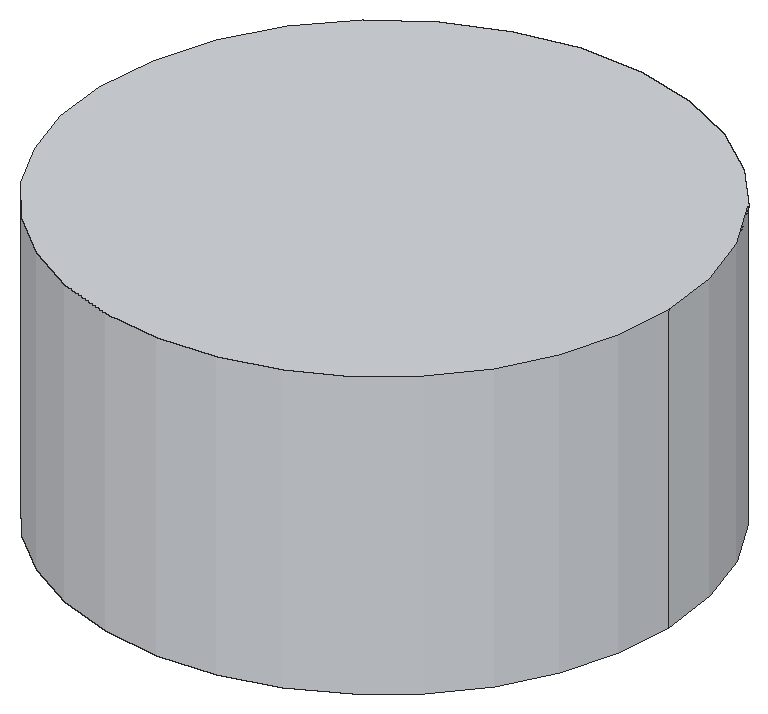
Revit family "09290800", category Specialty Equipment, Revit 2020
Family settings
  Round Connector Dimension = Use Diameter
  Part Type = Normal
  OmniClass Number = 23.40.40.14
  OmniClass Title = Food Service Equipment
  Work Plane-Based = No
  Always vertical = Yes
  Cut with Voids When Loaded = No
  Shared = No
  Room Calculation Point = No
Parameters (values of type "Standard")
  URL = "https://www.rustfriebergh.no/produkter/vannbad-varmeskap-varmeri/varmeskap-for-anretning-vsr-va/"
  Model = "09290800"
  Manufacturer = "RUSTFRIE BERGH AS"
  Description = "VSR-800-VA"
  Default Elevation = 0 mm
Reference planes
  plane 1 "Center (Front/Back)": y = 0
  plane 2: z = 0
  plane 3 "Center (Left/Right)": x = 0
Forms (mm)
  Extrusion 1, solid
    sketch origin (316.53, 122.361, 148.5) x (0, 1, 0) y (1, 0, 0)
      loop
        circle (0, 0) r 3.048
    from 0 to -3.048
Dimensions and locks
  aligned and locked: level to plane 2
Connectors
  electrical at (316.53, 122.361, 148.5)
    settings: on Extrusion 1, index 1, voltage 230 V, apparent load 1575 VA, apparent load phase1 0 VA, apparent load phase2 0 VA, apparent load phase3 0 VA, power factor 0, load classification "Other", number of poles 1, system type 30, power factor state 1, is connector primary yes, connector utility no, sub classification motor no, connector description "230V 50/60HZ 6,85A"
